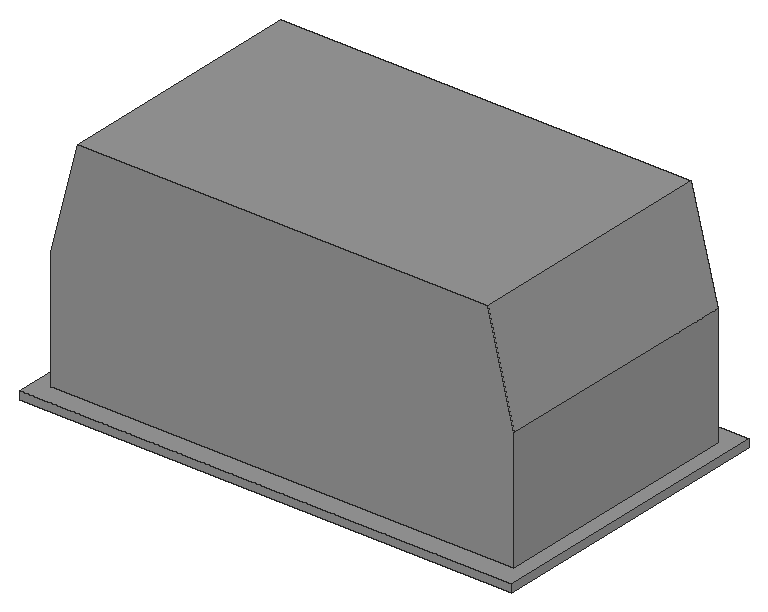
Revit family "Parex_SpecialityEquipment_Emma_Rangehood", category Specialty Equipment, Revit 2023
Family settings
  Round Connector Dimension = Use Diameter
  Part Type = Normal
  Work Plane-Based = No
  Enable Cutting in Views = Yes
  Always vertical = Yes
  Cut with Voids When Loaded = Yes
  Maintain Annotation Orientation = No
  Shared = No
  Room Calculation Point = No
Parameters
  Width = 600 mm
  WarrantyDescription = "5-Year in-home warranty on hood, 10-Year in-home warranty on motor"
  URL = "https://amorehomes.co.nz/"
  Type IFC Predefined Type = "NOTDEFINED"
  Specifications = "Quiet operation with external motor\r\n\r\nExpel smoke, grease, smells & steam outside\r\n\r\nEasy control with soft touch eye level controls\r\n\r\nGreat control with 5-speed levels\r\n\r\n15-Minute delay timer with auto shut-off\r\n\r\nTwin LED lights gives you great stove top lighting\r\n\r\nSturdy hood made of 1mm 430 stainless steel\r\n\r\nStainless steel dishwasher safe filters\r\n\r\nRemote control for optimum convenience\r\n\r\nIncludes 5m ducting"
  MountType = "Undermount"
  Model = "Emma 600mm Undermount Rangehood"
  Material = Parex_Metal_430 Stainless Steel
  Manufacturer = "Amore Homes"
  InnerTopWidth = 500 mm
  InnerHeight = 285.3 mm
  InnerBaseWidth = 564 mm
  HoodThickness = 10 mm
  Height = 285.3 mm
  FilterMaterial = Parex_Metal_Filter
  Export Type to IFC As = "IfcElectricApplianceType"
  Description = "The Emma 600mm undermount rangehood is suitable for up to a 600mm wide cooktop fitting effortlessly into your kitchen cabinetry and can be matched with a motor tailored to your cooking requirements."
  Depth = 360 mm
  Default Elevation = Height  # 285.3 mm
  Calc_SpotlightInnerDiameter = Calc_SpotlightDiameter - 10 mm  # 75 mm
  Calc_SpotlightDiameter = Calc_RearFrameWidth - 5 mm  # 85 mm
  Calc_RearFrameWidth = 90 mm
  Calc_GrillFrameWidth = 10 mm
  Calc_FrameOffset = 10.326 mm
Reference planes
  plane 1 "Center (Front/Back)": y = 0
  plane 2: z = 0
  plane 3 "Center (Left/Right)": x = 0
  plane 4 "HoodBase": z = 862.038
  plane 5 "Left": x = -300
  plane 6 "Right": x = 300
  plane 7 "Front": y = -360
  plane 8 "HoodTop": z = 872.038
  plane 9 "ChimneyTop": z = 1147.338
  plane 10 "InnerTopLeft": x = -250
  plane 11 "InnerTopRight": x = 250
  plane 12 "InnerLeft": x = -282
  plane 13 "InnerRight": x = 282
  plane 14 "InnerHeightMid": z = 1019.087
  plane 15 "InnerFront": y = -335.33
  plane 16 "InnerRear": y = -24.67
  plane 17: y = -180
Forms (mm)
  Extrusion 1, solid, material "Parex_Metal_430 Stainless Steel" <- "Material"
    sketch origin (0, 0, 0) x (1, 0, 0) y (0, 1, 0)
      loop
        line (-300, -360) -> (300, -360) -> (300, 0) -> (-300, 0) -> (-300, -360)
    from 862.038 to 872.038
  Extrusion 2, solid, material "Parex_Metal_430 Stainless Steel" <- "Material"
    sketch origin (0, 0, 0) x (1, 0, 0) y (0, 0, 1)
      loop
        line (-282, 1019.087) -> (-282, 872.038) -> (282, 872.038) -> (282, 1019.087) -> (250, 1147.338) -> (-250, 1147.338) -> (-282, 1019.087)
    from 24.67 to 335.33
Dimensions and locks
  equal spacing: plane 5 "Left", plane 3 "Center (Left/Right)", plane 6 "Right"
  "Width": plane 5 "Left" to plane 6 "Right"
  "Depth": plane 7 "Front" to plane 1 "Center (Front/Back)"
  "HoodThickness": plane 4 "HoodBase" to plane 8 "HoodTop"
  equal spacing: plane 11 "InnerTopRight", plane 3 "Center (Left/Right)", plane 10 "InnerTopLeft"
  "InnerTopWidth": plane 11 "InnerTopRight" to plane 10 "InnerTopLeft"
  equal spacing: plane 12 "InnerLeft", plane 3 "Center (Left/Right)", plane 13 "InnerRight"  (x2)
  "InnerBaseWidth": plane 12 "InnerLeft" to plane 13 "InnerRight"
  "InnerHeight": plane 9 "ChimneyTop" to plane 4 "HoodBase"
  equal spacing: plane 1 "Center (Front/Back)", plane 17, plane 7 "Front"
  equal spacing: plane 16 "InnerRear", plane 17, plane 15 "InnerFront"
  plane 16 "InnerRear" to plane 15 "InnerFront" = 310.66 mm
  equal spacing: plane 10 "InnerTopLeft", plane 3 "Center (Left/Right)", plane 11 "InnerTopRight"
  aligned and locked: level to plane 2
  aligned and locked: Extrusion 1 sketch curve to plane 7 "Front"
  aligned and locked: Extrusion 1 sketch curve to plane 5 "Left"
  aligned and locked: Extrusion 1 sketch curve to plane 1 "Center (Front/Back)"
  aligned and locked: Extrusion 1 sketch curve to plane 6 "Right"
  aligned and locked: plane 8 "HoodTop" to Extrusion 1
  aligned and locked: Extrusion 1 to plane 4 "HoodBase"
  aligned and locked: plane 12 "InnerLeft" to Extrusion 2 sketch curve
  aligned and locked: plane 14 "InnerHeightMid" to Extrusion 2 sketch curve  (x2)
  aligned and locked: plane 10 "InnerTopLeft" to Extrusion 2 sketch curve
  aligned and locked: plane 9 "ChimneyTop" to Extrusion 2 sketch curve
  aligned and locked: plane 11 "InnerTopRight" to Extrusion 2 sketch curve
  aligned and locked: plane 13 "InnerRight" to Extrusion 2 sketch curve
  aligned and locked: Extrusion 2 sketch curve to plane 12 "InnerLeft"
  aligned and locked: Extrusion 2 sketch curve to plane 9 "ChimneyTop"
  aligned and locked: Extrusion 2 sketch curve to plane 13 "InnerRight"
  aligned and locked: Extrusion 2 sketch curve to plane 8 "HoodTop"
  aligned and locked: Extrusion 2 to plane 15 "InnerFront"
  aligned and locked: Extrusion 2 to plane 16 "InnerRear"
  aligned and locked: nested 1 to plane 17
  aligned and locked: plane 11 "InnerTopRight" to nested 1
  aligned and locked: plane 4 "HoodBase" to nested 1
  aligned and locked: plane 10 "InnerTopLeft" to nested 3
  aligned and locked: nested 3 to plane 17
  aligned and locked: plane 4 "HoodBase" to nested 3
Nested families
  nested 1: "Parex_Generic_Spotlight" at (250, -180, 862.038), type "Parex_Generic_Spotlight", detail levels medium+fine
  nested 2: "Parex_Generic_Filter" at (-194.852, -175.991, 859.538) x (0, -1, 0) z (0, 0, 1), type "Parex_Generic_Filter", detail levels medium+fine
    with Width 293.116 mm, Depth 389.704 mm
  nested 3: "Parex_Generic_Spotlight" at (-250, -180, 862.038), type "Parex_Generic_Spotlight", detail levels medium+fine
Definition of nested family "Parex_Generic_Spotlight"
  Parameters (values of type "Parex_Generic_Spotlight")
    SpotlightMaterial = none
    SpotlightFrameMaterial = none
    InnerDiameter = Diameter - 5 mm  # 45 mm
    Diameter = 50 mm
    Default Elevation = 0 mm
  Reference planes
    plane 1 "Center (Front/Back)": y = 0
    plane 2: z = 0
    plane 3 "Center (Left/Right)": x = 0
    plane 4: z = -2.125
  Forms (mm)
    Extrusion 1, solid, material <- "SpotlightFrameMaterial", detail levels fine
      sketch origin (0, 0, 0) x (1, 0, 0) y (0, 1, 0)
        loop
          circle (0, 0) r 25
        loop
          circle (0, 0) r 22.5
      from -2.125 to 0
    Extrusion 2, solid, material <- "SpotlightMaterial", detail levels fine
      sketch origin (0, 0, 0) x (1, 0, 0) y (0, 1, 0)
        loop
          circle (0, 0) r 22.5
      from -2.125 to 0
  Lines and regions (mm)
    reference lines
      curve 1: circle (0, 0, 0) r 25 normal (0, 0, 1)
      curve 2: circle (0, 0, 0) r 22.5 normal (0, 0, 1)
    model lines
      curve 3: circle (0, 0, 0) r 25 normal (0, 0, 1)
      curve 4: circle (0, 0, 0) r 22.5 normal (0, 0, 1)
  Dimensions and locks
    "Diameter": diameter of curve 1
    "InnerDiameter": diameter of curve 2
    aligned and locked: level to plane 2
    aligned and locked: curve 3 to curve 1
    aligned and locked: curve 4 to curve 2
    aligned and locked: Extrusion 1 sketch curve to curve 1
    aligned and locked: Extrusion 1 sketch curve to curve 2
    aligned and locked: Extrusion 2 sketch curve to curve 2
    aligned and locked: Extrusion 1 to plane 4
    aligned and locked: Extrusion 2 to plane 4
    aligned and locked: plane 2 to Extrusion 1
    aligned and locked: plane 2 to Extrusion 2
  Automatic sketch dimensions
    curve 1 to curve 2 = 0 mm  (x2)
    plane 1 "Center (Front/Back)" to curve 2 = 0 mm
    curve 2 to plane 3 "Center (Left/Right)" = 0 mm
Definition of nested family "Parex_Generic_Filter"
  Parameters (values of type "Parex_Generic_Filter")
    Width [instance] = 300 mm
    HandleWidth = 60 mm
    HandleDepth = 50 mm
    GrillMaterial = none
    FrameWidth = 5 mm
    FrameMaterial = none
    Depth [instance] = 600 mm
    Default Elevation = 0 mm
  Reference planes
    plane 1 "Center (Front/Back)": y = 0
    plane 2: z = 0
    plane 3 "Center (Left/Right)": x = 0
    plane 4: x = -150
    plane 5: x = 150
    plane 6: y = 600
    plane 7: x = -145
    plane 8: y = 5
    plane 9: x = 145
    plane 10: y = 595
    plane 11: x = -30
    plane 12: y = 55
    plane 13: x = 30
    plane 14: y = 43
    plane 15: x = 10
    plane 16: y = 18
    plane 17: x = -10
    plane 18: z = 2.557
    plane 19: z = 1.225
  Forms (mm)
    Extrusion 1, solid, material <- "FrameMaterial", detail levels fine
      sketch origin (0, 0, 0) x (1, 0, 0) y (0, 1, 0)
        loop
          line (-150, 0) -> (150, 0) -> (150, 600) -> (-150, 600) -> (-150, 0)
        loop
          line (-145, 5) -> (-30, 5) -> (-30, 55) -> (30, 55) -> (30, 5) -> (145, 5) -> (145, 595) -> (-145, 595) -> (-145, 5)
      from 2.557 to 0
    Extrusion 2, solid, material <- "GrillMaterial", detail levels fine
      sketch origin (0, 0, 0) x (1, 0, 0) y (0, 1, 0)
        loop
          line (-145, 5) -> (-30, 5) -> (-30, 55) -> (30, 55) -> (30, 5) -> (145, 5) -> (145, 595) -> (-145, 595) -> (-145, 5)
      from 1.225 to 0
    Extrusion 3, solid, material <- "FrameMaterial", detail levels fine
      sketch origin (0, 0, 0) x (1, 0, 0) y (0, 1, 0)
        loop
          line (-145, 5) -> (-30, 5) -> (-30, 55) -> (30, 55) -> (30, 5) -> (145, 5) -> (145, 595) -> (-145, 595) -> (-145, 5)
      from 2.557 to 1.225
  Lines and regions (mm)
    model lines
      curve 1: line (150, 0, 0) -> (-150, 0, 0)
      curve 2: line (-150, 0, 0) -> (-150, 600, 0)
      curve 3: line (150, 0, 0) -> (150, 600, 0)
      curve 4: line (-150, 600, 0) -> (150, 600, 0)
      curve 5: line (145, 595, 0) -> (-145, 595, 0)
      curve 6: line (145, 5, 0) -> (145, 595, 0)
      curve 7: line (-145, 5, 0) -> (-145, 595, 0)
      curve 8: line (-145, 5, 0) -> (145, 5, 0)
      curve 9: line (-30, 5, 0) -> (-30, 55, 0)
      curve 10: line (30, 55, 0) -> (30, 5, 0)
      curve 11: line (-30, 55, 0) -> (30, 55, 0)
      curve 12: line (-10, 18, 0) -> (-10, 43, 0)
      curve 13: line (10, 43, 0) -> (10, 18, 0)
      curve 14: line (-10, 43, 0) -> (10, 43, 0)
      curve 15: line (10, 18, 0) -> (-10, 18, 0)
  Dimensions and locks
    equal spacing: plane 4, plane 3 "Center (Left/Right)", plane 5
    "Width": plane 4 to plane 5
    "Depth": plane 1 "Center (Front/Back)" to plane 6
    "FrameWidth": plane 1 "Center (Front/Back)" to plane 8
    "FrameWidth": plane 10 to plane 6
    "FrameWidth": plane 4 to plane 7
    "FrameWidth": plane 9 to plane 5
    equal spacing: plane 11, plane 3 "Center (Left/Right)", plane 13
    "HandleWidth": plane 11 to plane 13
    "HandleDepth": plane 12 to plane 8
    locked: plane 16 to plane 14 at 25
    equal spacing: plane 17, plane 3 "Center (Left/Right)", plane 15
    plane 17 to plane 15 = 20 mm
    locked: plane 12 to plane 14 at 12
    aligned and locked: level to plane 2
    aligned and locked: curve 1 to plane 1 "Center (Front/Back)"
    aligned and locked: curve 2 to plane 4
    aligned and locked: curve 3 to plane 5
    aligned and locked: curve 4 to plane 6
    aligned and locked: curve 5 to plane 10
    aligned and locked: curve 6 to plane 9
    aligned and locked: curve 7 to plane 7
    aligned and locked: curve 8 to plane 8
    aligned and locked: curve 9 to plane 11
    aligned and locked: curve 10 to plane 13
    aligned and locked: curve 11 to plane 12
    aligned and locked: curve 12 to plane 17
    aligned and locked: plane 15 to curve 13
    aligned and locked: curve 14 to plane 14
    aligned and locked: curve 15 to plane 16
    aligned and locked: plane 8 to curve 9
    aligned and locked: Extrusion 1 sketch curve to plane 4
    aligned and locked: Extrusion 1 sketch curve to plane 7
    aligned and locked: Extrusion 1 sketch curve to plane 9
    aligned and locked: Extrusion 1 sketch curve to plane 5
    aligned and locked: Extrusion 1 sketch curve to plane 1 "Center (Front/Back)"
    aligned and locked: Extrusion 1 sketch curve to plane 8
    aligned and locked: Extrusion 1 sketch curve to plane 13
    aligned and locked: Extrusion 1 sketch curve to plane 11
    aligned and locked: Extrusion 1 sketch curve to plane 12
    aligned and locked: Extrusion 1 sketch curve to plane 6
    aligned and locked: Extrusion 1 sketch curve to plane 10
    aligned and locked: Extrusion 2 sketch curve to plane 7
    aligned and locked: Extrusion 2 sketch curve to plane 8
    aligned and locked: Extrusion 2 sketch curve to plane 11
    aligned and locked: Extrusion 2 sketch curve to plane 13
    aligned and locked: Extrusion 2 sketch curve to plane 12
    aligned and locked: Extrusion 2 sketch curve to plane 9
    aligned and locked: Extrusion 2 sketch curve to plane 10
    aligned and locked: Extrusion 1 to plane 18
    aligned and locked: plane 2 to Extrusion 1
    aligned and locked: plane 2 to Extrusion 2
    aligned and locked: plane 19 to Extrusion 2
    aligned and locked: Extrusion 3 sketch curve to plane 8  (x2)
    aligned and locked: Extrusion 3 sketch curve to plane 13
    aligned and locked: Extrusion 3 sketch curve to plane 12
    aligned and locked: Extrusion 3 sketch curve to plane 11
    aligned and locked: Extrusion 3 sketch curve to plane 7
    aligned and locked: Extrusion 3 sketch curve to plane 9
    aligned and locked: Extrusion 3 sketch curve to plane 10
    aligned and locked: Extrusion 3 to plane 19
    aligned and locked: plane 18 to Extrusion 3
  Automatic sketch dimensions
    Extrusion 1 sketch curve to plane 8 = 0 mm
    Extrusion 2 sketch curve to plane 8 = 0 mm
